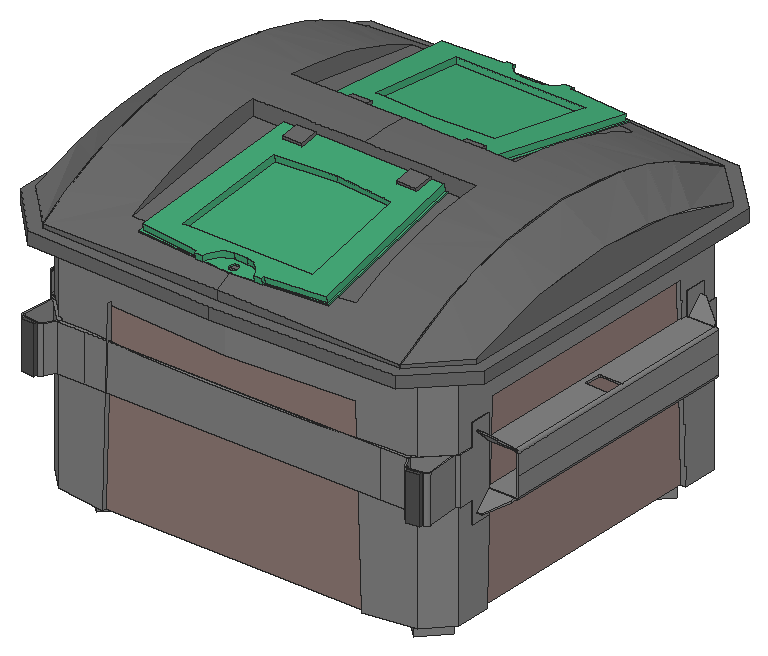
Revit family "Site-Waste_Management-EarthBin-EB260-bk1", category Site, Revit 2021
Family settings
  Round Connector Dimension = Use Diameter
  Part Type = Normal
  OmniClass Number = 23.70.30.21.14
  OmniClass Title = Solid Waste Bins
  Work Plane-Based = No
  Always vertical = Yes
  Cut with Voids When Loaded = No
  Shared = No
Parameters (values of type "Brown")
  URL = "https://www.earthbin.com/"
  Type Comments = "4.0 cu. yd. (3000 litres)"  # constant formula
  Model = "EB260"  # constant formula
  Manufacturer = "EarthBin"  # constant formula
  Description = "Rectangular waste & recycling"  # constant formula
  Default Elevation = 0' - 0"
  CD_Width = 6' - 8"  # constant formula
  CD_Specification = "https://www.earthbin.com/s/EB_260CutsheetEN.pdf"
  CD_Product Page URL = "https://www.earthbin.com/frontload-onground"
  CD_Product Name = "Front Load On Ground EB260"  # constant formula
  CD_Product Documentation Link = "https://static1.squarespace.com/static/5818b2cc03596e3016bd3fee/t/6509f455b6659b7f399c748e/1695314541799/ProductGuide_EarthBin_EN.pdf"
  CD_Microsite = "https://www.caddetails.com/5581"
  CD_Height = 4' - 3 1/4"  # constant formula
  CD_Finish Lid = Plastic-Polyethylene-EarthBin-Lid-Grey
  CD_Finish Frame = Metal-Steel-EarthBin
  CD_Finish Feed Door = Plastic-Polyethylene-EarthBin-Feed_Door-Green
  CD_Finish Bin = Plastic-Polyethylene-EarthBin-Panel_Wide-Brown
  CD_Feed Height = 3' - 9 1/4"  # constant formula
  CD_Depth = 5' - 10"  # constant formula
  CD_Created By = "CADdetails Ltd. 2023"  # constant formula
  Assembly Code = "E1090200"
Types (2): name | CD_Finish Bin
  Brown | Plastic-Polyethylene-EarthBin-Panel_Wide-Brown
  Black | Plastic-Polyethylene-EarthBin-Panel_Wide-Black
Reference planes (in)
  plane 1 "Center (Front/Back)": y = 0
  plane 2 "Grade": z = 0
  plane 3 "Center (Left/Right)": x = 0
  plane 4 "Right": x = 40
  plane 5 "Left": x = -40
  plane 6 "Front": y = 35
  plane 7 "Back": y = -35
  plane 8 "Top": z = 55.25
  plane 9 "Feed Height": z = 49.25
  plane 10 "Steel Framing Back": y = -21.01953
  plane 11 "Steel Framing Front": y = 21.01953
  plane 12 "Lid": z = 42.75
  plane 13 "Metal": z = 26.03791
  plane 14 "Back Rail": y = -34.10156
  plane 15 "Front Rail": y = 34.10156
  plane 16 "Rebar": through (0, 0, 144) normal (-0.7071, 0.7071, 0)
  plane 17 "Bottom of Bin": z = 4
Forms (in)
  Extrusion 1, solid, material "Metal-Steel-EarthBin" <- "CD_Finish Frame"
    sketch origin (0, 0, 0) x (1, 0, 0) y (0, 1, 0)
      loop
        line (-30.24539, 30.72206) -> (-34.03946, 26.92799) -> (-34.03946, -26.92799) -> (-30.24539, -30.72206)
        arc (-30.24539, -30.72206) -> (0, -33.3675) -> (30.24539, -30.72206) r 174.22124
        line (30.24539, -30.72206) -> (34.03946, -26.92799) -> (34.03946, 26.92799) -> (30.24539, 30.72206)
        arc (30.24539, 30.72206) -> (0, 33.3675) -> (-30.24539, 30.72206) r 174.22124
    from 4 to 42.75
  Blend 2, solid, material "Plastic-Polyethylene-EarthBin-Lid-Grey" <- "CD_Finish Lid"
    base sketch origin (0, 0, -61.75) x (0, 1, 0) y (0, 0, 1)
      loop
        line (26.92799, 104.5) -> (26.92799, 107.26035)
        arc (26.92799, 107.26035) -> (0, 112.26577) -> (-26.92799, 107.26035) r 74.93587
        line (-26.92799, 107.26035) -> (-26.92799, 104.5) -> (26.92799, 104.5)
    top sketch origin (0, 0, -61.75) x (0, 1, 0) y (0, 0, 1)
      loop
        line (34.1175, 104.5) -> (34.1175, 107.02798)
        arc (34.1175, 107.02798) -> (0, 117) -> (-34.1175, 107.02798) r 63.34948
        line (-34.1175, 107.02798) -> (-34.1175, 104.5) -> (34.1175, 104.5)
    from -37.1421 to -30.30484
  Blend 3, solid, material "Plastic-Polyethylene-EarthBin-Lid-Grey" <- "CD_Finish Lid"
    base sketch origin (0, 0, -61.75) x (0, 1, 0) y (0, 0, -1)
      loop
        line (26.92799, -104.5) -> (-26.92799, -104.5) -> (-26.92799, -107.26035)
        arc (-26.92799, -107.26035) -> (0, -112.26577) -> (26.92799, -107.26035) r 74.93587
        line (26.92799, -107.26035) -> (26.92799, -104.5)
    top sketch origin (0, 0, -61.75) x (0, 1, 0) y (0, 0, -1)
      loop
        line (34.1175, -104.5) -> (-34.1175, -104.5) -> (-34.1175, -107.02798)
        arc (-34.1175, -107.02798) -> (0, -117) -> (34.1175, -107.02798) r 63.34948
        line (34.1175, -107.02798) -> (34.1175, -104.5)
    from -37.1421 to -30
  Blend 4, solid, material "Plastic-Polyethylene-EarthBin-Lid-Grey" <- "CD_Finish Lid"
    base sketch origin (0, 0, -61.75) x (0, 1, 0) y (0, 0, 1)
      loop
        line (34.1175, 104.5) -> (34.1175, 107.02798)
        arc (34.1175, 107.02798) -> (0, 117) -> (-34.1175, 107.02798) r 63.34948
        line (-34.1175, 107.02798) -> (-34.1175, 104.5) -> (34.1175, 104.5)
    top sketch origin (0, 0, -61.75) x (0, 1, 0) y (0, 0, 1)
      loop
        line (-35, 104.5) -> (35, 104.5) -> (35, 108.16281)
        arc (35, 108.16281) -> (0, 117) -> (-35, 108.16281) r 73.72795
        line (-35, 108.16281) -> (-35, 104.5)
    from -30.30484 to 0
  Blend 5, solid, material "Plastic-Polyethylene-EarthBin-Lid-Grey" <- "CD_Finish Lid"
    base sketch origin (0, 0, -61.75) x (0, 1, 0) y (0, 0, -1)
      loop
        line (34.1175, -104.5) -> (-34.1175, -104.5) -> (-34.1175, -107.02798)
        arc (-34.1175, -107.02798) -> (0, -117) -> (34.1175, -107.02798) r 63.34948
        line (34.1175, -107.02798) -> (34.1175, -104.5)
    top sketch origin (0, 0, -61.75) x (0, 1, 0) y (0, 0, -1)
      loop
        line (-35, -104.5) -> (-35, -108.16281)
        arc (-35, -108.16281) -> (0, -117) -> (35, -108.16281) r 73.72795
        line (35, -108.16281) -> (35, -104.5) -> (-35, -104.5)
    from -30 to 0
  Extrusion 6, void
    sketch origin (0, 0, -61.75) x (0, 1, 0) y (0, 0, 1)
      loop
        line (-31.6432, 112.63436) -> (-31.6432, 109.86423) -> (-4.1432, 114.20005) -> (-4.1432, 119.5682)
        arc (-4.1432, 119.5682) -> (-18.23412, 117.45341) -> (-31.6432, 112.63436) r 72.79839
    from -18.82813 to 18.82813
  Extrusion 7, void
    sketch origin (0, 0, -61.75) x (0, -1, 0) y (0, 0, -1)
      loop
        arc (-31.6432, -112.63436) -> (-18.23412, -117.45341) -> (-4.1432, -119.5682) r 72.79839
        line (-4.1432, -119.5682) -> (-4.1432, -114.20005) -> (-31.6432, -109.86423) -> (-31.6432, -112.63436)
    from -18.82621 to 18.82813
  Extrusion 8, void
    sketch origin (0, 0, 0) x (1, 0, 0) y (0, 0, 1)
      loop
        line (-22, 0) -> (22, 0) -> (20.89194, 35.73066) -> (-20.89194, 35.73066) -> (-22, 0)
    from 31.34321 to 35
  Extrusion 9, void
    sketch origin (0, 0, 0) x (1, 0, 0) y (0, 0, 1)
      loop
        line (22, 0) -> (20.89194, 35.73066) -> (-20.89194, 35.73066) -> (-22, 0) -> (22, 0)
    from -35 to -31.34375
  Extrusion 10, void
    sketch origin (0, 0, 0) x (0, 1, 0) y (0, 0, 1)
      loop
        line (21.01953, 0) -> (19.91147, 35.73066) -> (-19.91147, 35.73066) -> (-21.01953, 0) -> (21.01953, 0)
    from 33.1684 to 40
  Extrusion 11, void
    sketch origin (0, 0, 0) x (0, 1, 0) y (0, 0, 1)
      loop
        line (21.01953, 0) -> (19.91147, 35.73066) -> (-19.91147, 35.73066) -> (-21.01953, 0) -> (21.01953, 0)
    from -40 to -33.16797
  Extrusion 12, solid, material "Metal-Steel-EarthBin" <- "CD_Finish Frame", detail levels medium+fine
    sketch origin (0, 0, 0) x (1, 0, 0) y (0, 1, 0)
      loop
        arc (23.31608, 23.79275) -> (0, 25.36) -> (-23.31608, 23.79275) r 174.22124
        line (-23.31608, 23.79275) -> (-26.70986, 27.18653) -> (-30.50393, 23.39246) -> (-27.80484, 20.69337) -> (-27.80484, -20.69337) -> (-30.50393, -23.39246) -> (-26.70986, -27.18653) -> (-22.87506, -23.35174)
        arc (-22.87506, -23.35174) -> (0, -24.86) -> (22.87506, -23.35174) r 174.22124
        line (22.87506, -23.35174) -> (26.70986, -27.18653) -> (30.50393, -23.39246) -> (27.80484, -20.69337) -> (27.80484, 20.69337) -> (30.50393, 23.39246) -> (26.70986, 27.18653) -> (23.31608, 23.79275)
    from 0 to 4
  Extrusion 13, solid, material "Metal-Steel-EarthBin" <- "CD_Finish Frame", detail levels coarse
    sketch origin (0, 0, 0) x (1, 0, 0) y (0, 1, 0)
      loop
        arc (26.68607, 27.21032) -> (0, 29.26625) -> (-26.68607, 27.21032) r 174.22124
        line (-26.68607, 27.21032) -> (-30.49234, 23.40405) -> (-30.49234, -23.40405) -> (-26.68607, -27.21032)
        arc (-26.68607, -27.21032) -> (0, -29.26625) -> (26.68607, -27.21032) r 174.22124
        line (26.68607, -27.21032) -> (30.49234, -23.40405) -> (30.49234, 23.40405) -> (26.68607, 27.21032)
    from 0 to 4
  Extrusion 14, solid, material "Plastic-Polyethylene-EarthBin-Lid-Grey" <- "CD_Finish Lid", detail levels medium+fine
    sketch origin (0, 0, 0) x (1, 0, 0) y (0, 1, 0)
      loop
        line (-37.1421, 26.92799) -> (-37.1421, -26.92799) -> (-30.30484, -34.1175) -> (0, -35) -> (30, -34.1175) -> (37.1421, -26.92799) -> (37.1421, 26.92799) -> (30, 34.1175) -> (0, 35) -> (-30.30484, 34.1175) -> (-37.1421, 26.92799)
      loop
        line (-39.1421, 27.72716) -> (-39.1421, -27.72716) -> (-31.18645, -36.09268) -> (0.0003, -37.00086) -> (30.85647, -36.09317) -> (39.1421, -27.75255) -> (39.1421, 27.75255) -> (30.85647, 36.09317) -> (0.0003, 37.00086) -> (-31.18645, 36.09268) -> (-39.1421, 27.72716)
    from 42.75 to 44.75
Cuts and joins
  Extrusion 6, Extrusion 7 cuts Blend 4
  Extrusion 6, Extrusion 7 cuts Blend 5
  joined: Blend 4, Blend 5
  Extrusion 8, Extrusion 9, Extrusion 10, Extrusion 11 cuts Extrusion 1
Dimensions and locks (in)
  equal spacing: plane 5 "Left", plane 3 "Center (Left/Right)", plane 4 "Right"
  "CD_Width": plane 5 "Left" to plane 4 "Right"
  equal spacing: plane 6 "Front", plane 1 "Center (Front/Back)", plane 7 "Back"
  "CD_Depth": plane 6 "Front" to plane 7 "Back"
  locked: plane 6 "Front" to plane 11 "Steel Framing Front" at 13.98047
  locked: plane 10 "Steel Framing Back" to plane 7 "Back" at 13.98047
  locked: plane 13 "Metal" to plane 8 "Top" at 29.21209
  locked: plane 1 "Center (Front/Back)" to nested 3 at 4.31767
  locked: nested 4 to plane 1 "Center (Front/Back)" at 4.30194
  plane 8 "Top" to nested 4 = 0' - 6.18025"
  plane 8 "Top" to nested 3 = 0' - 6.19469"
  Extrusion 8 sketch curve to Extrusion 8 sketch curve to plane 3 "Center (Left/Right)" to Extrusion 8 sketch curve to Extrusion 8 sketch curve = 0' - 1.10806" locked, 1' - 8.89194" locked, 1' - 8.89194" locked, 0' - 1.10806" locked
  Extrusion 10 sketch curve to Extrusion 10 sketch curve to plane 1 "Center (Front/Back)" to Extrusion 10 sketch curve to Extrusion 10 sketch curve = 0' - 1.10806" locked, 1' - 7.91147" locked, 1' - 7.91147" locked, 0' - 1.10806" locked
  locked: plane 14 "Back Rail" to plane 7 "Back" at 0.89844
  locked: plane 6 "Front" to plane 15 "Front Rail" at 0.89844
  Blend 2 sketch curve to plane 1 "Center (Front/Back)" to Blend 2 sketch curve = 2' - 2.92799" locked, 2' - 2.92799" locked
  Blend 2 sketch curve to Blend 2 sketch curve to Blend 2 sketch curve to plane 12 "Lid" = 0' - 5.00542" locked, 0' - 0" locked, 0' - 2.76035" locked
  Blend 2 sketch curve to plane 1 "Center (Front/Back)" to Blend 2 sketch curve = 2' - 10.1175" locked, 2' - 10.1175" locked
  Blend 2 sketch curve to Blend 2 sketch curve to Blend 2 sketch curve to plane 12 "Lid" = 0' - 9.97202" locked, 0' - 0" locked, 0' - 2.52798" locked
  locked: Blend 4 sketch curve to plane 12 "Lid" at 12.5
  Blend 3 sketch curve to plane 1 "Center (Front/Back)" to Blend 3 sketch curve = 2' - 10.1175" locked, 2' - 10.1175" locked
  Blend 3 sketch curve to Blend 3 sketch curve to Blend 3 sketch curve to plane 12 "Lid" = 0' - 9.97202" locked, 0' - 0" locked, 0' - 2.52798" locked
  locked: Blend 5 sketch curve to plane 12 "Lid" at 12.5
  locked: plane 8 "Top" to plane 12 "Lid" at 12.5
  "CD_Height": plane 8 "Top" to plane 17 "Bottom of Bin"
  "CD_Feed Height": plane 9 "Feed Height" to plane 17 "Bottom of Bin"
  locked: plane 17 "Bottom of Bin" to level at 4
  Extrusion 12 sketch curve to Extrusion 12 sketch curve to Extrusion 12 sketch curve to Extrusion 12 sketch curve to Extrusion 12 sketch curve to Extrusion 12 sketch curve to Extrusion 12 sketch curve to Extrusion 12 sketch curve to plane 1 "Center (Front/Back)" to Extrusion 12 sketch curve to Extrusion 12 sketch curve to Extrusion 12 sketch curve to Extrusion 12 sketch curve to Extrusion 12 sketch curve to Extrusion 12 sketch curve to Extrusion 12 sketch curve to Extrusion 12 sketch curve = 0' - 0" locked, 0' - 3.79407" locked, 0' - 0" locked, 0' - 0.04072" locked, 0' - 0" locked, 0' - 2.65837" locked, 0' - 0" locked, 1' - 8.69337" locked, 1' - 8.69337" locked, 0' - 0" locked, 0' - 2.69909" locked, 0' - 0" locked, 0' - 0.40029" locked, 0' - 0" locked, 0' - 3.39378" locked, 0' - 0" locked
  Extrusion 12 sketch curve to Extrusion 12 sketch curve to Extrusion 12 sketch curve to Extrusion 12 sketch curve to Extrusion 12 sketch curve to Extrusion 12 sketch curve to Extrusion 12 sketch curve to plane 3 "Center (Left/Right)" to Extrusion 12 sketch curve to Extrusion 12 sketch curve to Extrusion 12 sketch curve to Extrusion 12 sketch curve to Extrusion 12 sketch curve to Extrusion 12 sketch curve to Extrusion 12 sketch curve = 0' - 0" locked, 0' - 2.69909" locked, 0' - 1.09498" locked, 0' - 0" locked, 0' - 3.39378" locked, 0' - 0.44102" locked, 1' - 10.87506" locked, 1' - 10.87506" locked, 0' - 0.44102" locked, 0' - 3.39378" locked, 0' - 0" locked, 0' - 1.09498" locked, 0' - 2.69909" locked, 0' - 0" locked
  Extrusion 13 sketch curve to Extrusion 13 sketch curve to Extrusion 13 sketch curve to plane 3 "Center (Left/Right)" to Extrusion 13 sketch curve to Extrusion 13 sketch curve to Extrusion 13 sketch curve = 0' - 3.80627" locked, 0' - 0" locked, 2' - 2.68607" locked, 2' - 2.68607" locked, 0' - 0" locked, 0' - 3.80627" locked
  Extrusion 13 sketch curve to Extrusion 13 sketch curve to Extrusion 13 sketch curve to Extrusion 13 sketch curve to plane 1 "Center (Front/Back)" to Extrusion 13 sketch curve to Extrusion 13 sketch curve to Extrusion 13 sketch curve to Extrusion 13 sketch curve = 0' - 0" locked, 0' - 3.80627" locked, 0' - 0" locked, 1' - 11.40405" locked, 1' - 11.40405" locked, 0' - 0" locked, 0' - 3.80627" locked, 0' - 0" locked
  Extrusion 6 sketch curve to Extrusion 6 sketch curve to Extrusion 6 sketch curve to plane 9 "Feed Height" to Extrusion 6 sketch curve = 0' - 5.36816" locked, 0' - 1.56569" locked, 0' - 1.63436" locked, 0' - 1.13577" locked
  Extrusion 6 sketch curve to Extrusion 6 sketch curve to plane 1 "Center (Front/Back)" = 2' - 3 1/2" locked, 0' - 4.1432" locked
  plane 1 "Center (Front/Back)" to Extrusion 7 sketch curve to Extrusion 7 sketch curve = 0' - 4.1432" locked, 2' - 3 1/2" locked
  Extrusion 7 sketch curve to Extrusion 7 sketch curve to Extrusion 7 sketch curve to plane 9 "Feed Height" to Extrusion 7 sketch curve = 0' - 5.36816" locked, 0' - 1.56569" locked, 0' - 1.63436" locked, 0' - 1.13577" locked
  locked: cut or joined group of Blend 4, Blend 5, Extrusion 6, Extrusion 7 to plane 3 "Center (Left/Right)" at 18.82621
  locked: cut or joined group of Blend 4, Blend 5, Extrusion 6, Extrusion 7 to plane 3 "Center (Left/Right)" at 18.82813
  Extrusion 11 sketch curve to Extrusion 11 sketch curve to plane 1 "Center (Front/Back)" to Extrusion 11 sketch curve to Extrusion 11 sketch curve = 0' - 1.10806" locked, 1' - 7.91147" locked, 1' - 7.91147" locked, 0' - 1.10806" locked
  locked: Extrusion 11 sketch curve to level at 35.73066
  locked: Extrusion 10 sketch curve to level at 35.73066
  locked: level to Extrusion 9 sketch curve at 35.73066
  Extrusion 9 sketch curve to Extrusion 9 sketch curve to plane 3 "Center (Left/Right)" to Extrusion 9 sketch curve to Extrusion 9 sketch curve = 0' - 1.10806" locked, 1' - 8.89194" locked, 1' - 8.89194" locked, 0' - 1.10806" locked
  locked: Extrusion 8 sketch curve to level at 35.73066
  locked: Extrusion 10 to plane 4 "Right" at 6.8316
  locked: Extrusion 8 to plane 7 "Back" at 3.65679
  locked: plane 6 "Front" to Extrusion 9 at 3.65625
  locked: Extrusion 14 to plane 12 "Lid" at 2
  Extrusion 14 sketch curve to Extrusion 14 sketch curve to Extrusion 14 sketch curve to Extrusion 14 sketch curve to Extrusion 14 sketch curve to plane 1 "Center (Front/Back)" to Extrusion 14 sketch curve to Extrusion 14 sketch curve to Extrusion 14 sketch curve to Extrusion 14 sketch curve to Extrusion 14 sketch curve = 0' - 0.90769" locked, 0' - 0.0005" locked, 0' - 8.34013" locked, 0' - 0.02539" locked, 2' - 3.72716" locked, 2' - 3.72716" locked, 0' - 0.02539" locked, 0' - 8.34013" locked, 0' - 0.0005" locked, 0' - 0.90769" locked
  Extrusion 14 sketch curve to Extrusion 14 sketch curve to Extrusion 14 sketch curve to plane 3 "Center (Left/Right)" to Extrusion 14 sketch curve to Extrusion 14 sketch curve to Extrusion 14 sketch curve = 0' - 7.95565" locked, 0' - 0" locked, 2' - 7.18645" locked, 2' - 6.85647" locked, 0' - 0" locked, 0' - 8.28562" locked
  locked: plane 1 "Center (Front/Back)" to plane 16 "Rebar" (angle 45.00°)
  aligned and locked: plane 12 "Lid" to Extrusion 1
  aligned and locked: Blend 4 to Blend 2
  aligned and locked: plane 3 "Center (Left/Right)" to Blend 4
  aligned and locked: Blend 5 sketch curve to plane 7 "Back"
  aligned and locked: Blend 5 sketch curve to plane 6 "Front"
  aligned and locked: Blend 4 sketch curve to plane 6 "Front"
  aligned and locked: Blend 4 sketch curve to plane 7 "Back"
  aligned and locked: nested 1 to plane 13 "Metal"
  aligned and locked: plane 1 "Center (Front/Back)" to nested 1
  aligned and locked: Extrusion 8 to plane 7 "Back"
  aligned and locked: plane 6 "Front" to Extrusion 9
  aligned and locked: Extrusion 10 to plane 4 "Right"
  aligned and locked: plane 5 "Left" to Extrusion 11
  aligned and locked: plane 13 "Metal" to nested 5
  aligned and locked: nested 5 to plane 14 "Back Rail"
  aligned and locked: plane 13 "Metal" to nested 2
  aligned and locked: Blend 4 sketch curve to plane 12 "Lid"
  aligned and locked: plane 12 "Lid" to Blend 3 sketch curve
  aligned and locked: plane 12 "Lid" to Blend 5 sketch curve
  aligned and locked: nested 3 to plane 3 "Center (Left/Right)"
  aligned and locked: plane 3 "Center (Left/Right)" to nested 4
  aligned and locked: cut or joined group of Extrusion 1, Extrusion 8, Extrusion 9, Extrusion 10, Extrusion 11 to plane 17 "Bottom of Bin"
  aligned and locked: Extrusion 12 to cut or joined group of Extrusion 1, Extrusion 8, Extrusion 9, Extrusion 10, Extrusion 11
  aligned and locked: Extrusion 12 to level
  aligned and locked: Extrusion 13 to cut or joined group of Extrusion 1, Extrusion 8, Extrusion 9, Extrusion 10, Extrusion 11
  aligned and locked: Extrusion 13 to level
  aligned and locked: level to Extrusion 10 sketch curve
  aligned and locked: Extrusion 8 sketch curve to level
  aligned and locked: plane 4 "Right" to Extrusion 10
  aligned and locked: plane 7 "Back" to Extrusion 8
  aligned and locked: Extrusion 9 to plane 6 "Front"
  aligned and locked: Extrusion 14 sketch curve to Blend 2  (x3)
  aligned and locked: Extrusion 14 sketch curve to cut or joined group of Blend 4, Blend 5, Extrusion 6, Extrusion 7  (x2)
  aligned and locked: Extrusion 14 sketch curve to Blend 3  (x3)
  aligned and locked: Extrusion 14 to plane 12 "Lid"
Automatic sketch dimensions
  Extrusion 1 sketch curve to plane 3 "Center (Left/Right)" = 0' - 0"  (x2)
  Extrusion 1 sketch curve to plane 6 "Front" = 0' - 4.27794"  (x2)
  Extrusion 1 sketch curve to plane 5 "Left" = 0' - 9.75461"  (x2)
  plane 7 "Back" to Extrusion 1 sketch curve = 0' - 4.27794"  (x2)
  Extrusion 1 sketch curve to Extrusion 1 sketch curve = 0' - 3.79407"  (x6)
  Extrusion 1 sketch curve to plane 7 "Back" = 8' - 9.85374"
  plane 6 "Front" to Extrusion 1 sketch curve = 8' - 9.85374"
  Blend 2 sketch curve to plane 12 "Lid" = 0' - 0"  (x2)
  Blend 3 sketch curve to plane 12 "Lid" = 0' - 0"
  Blend 3 sketch curve to plane 1 "Center (Front/Back)" = 0' - 0"
  Blend 3 sketch curve to plane 10 "Steel Framing Back" = 0' - 5.90846"
  plane 12 "Lid" to Blend 3 sketch curve = 0' - 2.76035"
  plane 11 "Steel Framing Front" to Blend 3 sketch curve = 0' - 5.90846"
  Blend 4 sketch curve to plane 12 "Lid" = 0' - 0"
  Blend 4 sketch curve to plane 1 "Center (Front/Back)" = 0' - 0"  (x2)
  plane 7 "Back" to Blend 4 sketch curve = 0' - 0.8825"
  Blend 4 sketch curve to plane 6 "Front" = 0' - 0.8825"
  plane 12 "Lid" to Blend 4 sketch curve = 0' - 2.52798"
  Blend 4 sketch curve to plane 9 "Feed Height" = 0' - 2.83719"
  Blend 5 sketch curve to plane 12 "Lid" = 0' - 0"
  Blend 5 sketch curve to plane 1 "Center (Front/Back)" = 0' - 0"  (x2)
  plane 7 "Back" to Blend 5 sketch curve = 0' - 0.8825"
  Blend 5 sketch curve to plane 6 "Front" = 0' - 0.8825"
  Blend 5 sketch curve to Blend 5 sketch curve = 0' - 2.52798"
  Blend 5 sketch curve to plane 9 "Feed Height" = 0' - 2.83719"
  plane 1 "Center (Front/Back)" to Extrusion 6 sketch curve = 0' - 0.4358"
  Extrusion 7 sketch curve to plane 1 "Center (Front/Back)" = 0' - 0.4358"
  plane 6 "Front" to Extrusion 12 sketch curve = 9' - 6.36124"
  Extrusion 12 sketch curve to plane 7 "Back" = 9' - 5.86124"
  plane 6 "Front" to Extrusion 13 sketch curve = 9' - 1.95499"
  Extrusion 13 sketch curve to plane 7 "Back" = 9' - 1.95499"
  Blend 3 sketch curve to level = 2' - 0.4201"
  Blend 4 sketch curve to level = 0' - 8.09948"
  Blend 5 sketch curve to level = 0' - 8.09948"
  Extrusion 11 sketch curve to level = 0' - 0"
  Extrusion 9 sketch curve to level = 0' - 0"
  plane 3 "Center (Left/Right)" to Extrusion 14 sketch curve = 0' - 0.0003"  (x2)
  Extrusion 14 sketch curve to plane 3 "Center (Left/Right)" = 0' - 0"  (x2)
  Extrusion 14 sketch curve to plane 14 "Back Rail" = 0' - 0.01594"
  plane 15 "Front Rail" to Extrusion 14 sketch curve = 0' - 0.01594"
Nested families (in)
  nested 1: "Nested-EarthBin-Steel_Frame-Lift_Handle" at (-34.03946, 0, 26.03791) x (0, 0, 1) z (-1, 0, 0), type "Steel Frame"
  nested 2: "Nested-EarthBin-Steel_Frame-Lift_Handle" at (34.03946, 0, 26.03791) x (0, 0, 1) z (1, 0, 0), type "Steel Frame"
  nested 3: "Nested-EarthBin-Lid" at (0, 18.48482, 50.18886) x (-1, 0, 0) z (0, 0.1557, 0.9878), type "Lid"
  nested 4: "Nested-EarthBin-Lid" at (0, -18.46909, 50.19134) x (1, 0, 0) z (0, -0.1557, 0.9878), type "Lid"
  nested 5: "Nested-EarthBin-Steel_Frame-Front_Rail" at (0, -34.10156, 26.03791) x (0, 0, -1) z (0, -1, 0), type "Steel Frame"
Definition of nested family "Nested-EarthBin-Steel_Frame-Lift_Handle"
  Parameters (values of type "Steel Frame")
    URL = "https://www.earthbin.com/"
    Manufacturer = "EarthBin"  # constant formula
    Description = "For use with EarthBin models only"  # constant formula
    Default Elevation = 4' - 0"
    CD_Length = 3' - 6 5/128"
    CD_Finish = none
  Reference planes (in)
    plane 1 "Center (Front/Back)": y = 0
    plane 2 "Right": z = 0
    plane 3 "Center (Left/Right)": x = 0
    plane 4 "Front": y = 21.01953
    plane 5 "Back": y = -21.01953
    plane 6 "Left": z = 5.36625
  Forms (in)
    Extrusion 1, solid
      sketch origin (0, 0, 0) x (1, 0, 0) y (0, 1, 0)
        loop
          line (-48, 48) -> (-48, -48) -> (48, -48) -> (48, 48) -> (-48, 48)
      from 0 to -12
    Extrusion 2, solid, material <- "CD_Finish", detail levels medium+fine
      sketch origin (0, 0, 0) x (1, 0, 0) y (0, 0, 1)
        loop
          line (-3.81244, 4.89751) -> (-3.81244, 0) -> (-3.56244, 0) -> (-3.56244, 4.89751)
          arc (-3.56244, 4.89751) -> (-3.49904, 5.05151) -> (-3.34559, 5.11625) r 0.21875
          line (-3.34559, 5.11625) -> (0, 5.11625) -> (3.34559, 5.11625)
          arc (3.34559, 5.11625) -> (3.49904, 5.05151) -> (3.56244, 4.89751) r 0.21875
          line (3.56244, 4.89751) -> (3.56244, 0) -> (3.81244, 0) -> (3.81244, 4.89751)
          arc (3.81244, 4.89751) -> (3.67612, 5.22798) -> (3.34647, 5.36625) r 0.46875
          line (3.34647, 5.36625) -> (0, 5.36625) -> (-3.34647, 5.36625)
          arc (-3.34647, 5.36625) -> (-3.67612, 5.22798) -> (-3.81244, 4.89751) r 0.46875
      from -21.01953 to 21.01953
    Extrusion 3, void
      sketch origin (0, 0, 0) x (0, 1, 0) y (0, 0, 1)
        loop
          line (-1.5, 4.8975) -> (-1.5, 1.37125)
          arc (-1.5, 1.37125) -> (-1.38997, 1.10589) -> (-1.12444, 0.99625) r 0.375
          line (-1.12444, 0.99625) -> (1.12444, 0.99625)
          arc (1.12444, 0.99625) -> (1.38997, 1.10589) -> (1.5, 1.37125) r 0.375
          line (1.5, 1.37125) -> (1.5, 4.8975) -> (-1.5, 4.8975)
      from 2.61769 to 4.04426
    Extrusion 4, solid, material <- "CD_Finish", detail levels medium+fine
      sketch origin (0, 0, 0) x (1, 0, 0) y (0, 1, 0)
        loop
          line (-7.66958, 24.37722) -> (-7.66958, 21.01953) -> (7.66958, 21.01953) -> (7.66958, 24.37722) -> (3.96284, 24.37722) -> (3.96284, 26.92907) -> (-3.96284, 26.92907) -> (-3.96284, 24.37722) -> (-7.66958, 24.37722)
        loop
          line (-7.66958, -24.37722) -> (-3.96284, -24.37722) -> (-3.96284, -26.92907) -> (3.96284, -26.92907) -> (3.96284, -24.37722) -> (7.66958, -24.37722) -> (7.66958, -21.01953) -> (-7.66958, -21.01953) -> (-7.66958, -24.37722)
      from 0 to 0.34279
    Extrusion 5, solid, material <- "CD_Finish", detail levels fine
      sketch origin (0, 0, 0) x (1, 0, 0) y (0, 1, 0)
        loop
          line (-3.56244, 21.01953) -> (-6.14547, 23.60257) -> (-6.27047, 23.47757) -> (-3.81244, 21.01953) -> (-3.56244, 21.01953)
        loop
          line (3.56244, 21.01953) -> (3.81244, 21.01953) -> (6.27047, 23.47757) -> (6.14547, 23.60257) -> (3.56244, 21.01953)
        loop
          line (-3.56244, -21.01953) -> (-3.81244, -21.01953) -> (-6.27047, -23.47757) -> (-6.14547, -23.60257) -> (-3.56244, -21.01953)
        loop
          line (3.56244, -21.01953) -> (6.14547, -23.60257) -> (6.27047, -23.47757) -> (3.81244, -21.01953) -> (3.56244, -21.01953)
      from 0 to 4.89765
    Extrusion 6, void
      sketch origin (0, 0, 0) x (0, 1, 0) y (0, 0, 1)
        loop
          line (-23.71655, 5.04358) -> (-23.71655, 0.79331) -> (-23.60257, 0.96676)
          arc (-23.60257, 0.96676) -> (-23.57015, 1.18039) -> (-23.47757, 1.37562) r 0.74201
          line (-23.47757, 1.37562) -> (-21.41817, 4.50952)
          arc (-21.41817, 4.50952) -> (-21.24003, 4.72528) -> (-21.01953, 4.89751) r 1.28859
          line (-21.01953, 4.89751) -> (-20.92354, 5.04358) -> (-23.71655, 5.04358)
        loop
          line (23.71655, 5.04358) -> (20.92354, 5.04358) -> (21.01953, 4.89751)
          arc (21.01953, 4.89751) -> (21.24003, 4.72528) -> (21.41817, 4.50952) r 1.28859
          line (21.41817, 4.50952) -> (23.47757, 1.37562)
          arc (23.47757, 1.37562) -> (23.57015, 1.18039) -> (23.60257, 0.96676) r 0.74201
          line (23.60257, 0.96676) -> (23.71655, 0.79331) -> (23.71655, 5.04358)
      from -7.66958 to 7.66958
    Extrusion 7, solid, material <- "CD_Finish", detail levels coarse
      sketch origin (0, 0, 0) x (1, 0, 0) y (0, 0, 1)
        loop
          line (-3.8125, 4.89759) -> (-3.8125, 0) -> (3.81174, 0) -> (3.81174, 4.89733)
          arc (3.81174, 4.89733) -> (3.67435, 5.22904) -> (3.34264, 5.36643) r 0.4691
          line (3.34264, 5.36643) -> (-3.34645, 5.36643)
          arc (-3.34645, 5.36643) -> (-3.67616, 5.22813) -> (-3.8125, 4.89759) r 0.46885
      from -21.01953 to 21.01953
    Extrusion 8, solid, material <- "CD_Finish", detail levels coarse
      sketch origin (0, 0, 0) x (1, 0, 0) y (0, 1, 0)
        loop
          line (-7.66958, -21.01953) -> (-7.66958, -26.92907) -> (7.66958, -26.92907) -> (7.66958, -21.01953) -> (-7.66958, -21.01953)
        loop
          line (-7.66958, 21.01953) -> (7.66958, 21.01953) -> (7.66958, 26.92907) -> (-7.66958, 26.92907) -> (-7.66958, 21.01953)
      from 0 to 0.34279
  Cuts and joins
    Extrusion 3 cuts Extrusion 2
    Extrusion 6 cuts Extrusion 5
  Dimensions and locks (in)
    equal spacing: plane 5 "Back", plane 1 "Center (Front/Back)", plane 4 "Front"
    locked: plane 6 "Left" to plane 2 "Right" at 5.36625
    plane 6 "Left" to Extrusion 2 sketch curve to Extrusion 2 sketch curve to Extrusion 2 sketch curve to Extrusion 2 sketch curve to Extrusion 2 sketch curve to Extrusion 2 sketch curve = 0' - 0 1/4" locked, 0' - 0" locked, 0' - 0 7/32" locked, 0' - 0" locked, 0' - 0" locked, 0' - 0" locked
    Extrusion 2 sketch curve to Extrusion 2 sketch curve to Extrusion 2 sketch curve to plane 3 "Center (Left/Right)" to Extrusion 2 sketch curve to Extrusion 2 sketch curve to Extrusion 2 sketch curve = 0' - 0 1/4" locked, 0' - 0.21685" locked, 0' - 3.34559" locked, 0' - 3.34559" locked, 0' - 0.21685" locked, 0' - 0 1/4" locked
    "CD_Length": plane 5 "Back" to plane 4 "Front"
    Extrusion 5 sketch curve to Extrusion 5 sketch curve to plane 5 "Back" = 0' - 0 1/8" locked, 0' - 2.45804" locked  (x2)
    plane 4 "Front" to Extrusion 5 sketch curve to Extrusion 5 sketch curve = 0' - 2.45804" locked, 0' - 0 1/8" locked  (x2)
    Extrusion 6 sketch curve to Extrusion 6 sketch curve to Extrusion 6 sketch curve to Extrusion 6 sketch curve to Extrusion 6 sketch curve to Extrusion 6 sketch curve to plane 6 "Left" = 0' - 0.17345" locked, 0' - 0.40886" locked, 0' - 3.13391" locked, 0' - 0.38799" locked, 0' - 0.14607" locked, 0' - 0.32267" locked  (x2)
    Extrusion 6 sketch curve to plane 4 "Front" to Extrusion 6 sketch curve to Extrusion 6 sketch curve to Extrusion 6 sketch curve to Extrusion 6 sketch curve = 0' - 0.09599" locked, 0' - 0.39863" locked, 0' - 2.0594" locked, 0' - 0 1/8" locked, 0' - 0.11398" locked
    Extrusion 6 sketch curve to Extrusion 6 sketch curve to Extrusion 6 sketch curve to Extrusion 6 sketch curve to plane 5 "Back" to Extrusion 6 sketch curve = 0' - 0.11398" locked, 0' - 0 1/8" locked, 0' - 2.0594" locked, 0' - 0.39863" locked, 0' - 0.09599" locked
    Extrusion 3 sketch curve to Extrusion 3 sketch curve to plane 1 "Center (Front/Back)" to Extrusion 3 sketch curve to Extrusion 3 sketch curve = 0' - 0.37556" locked, 0' - 1.12444" locked, 0' - 1.12444" locked, 0' - 0.37556" locked
    Extrusion 3 sketch curve to Extrusion 3 sketch curve to Extrusion 3 sketch curve to Extrusion 3 sketch curve to plane 6 "Left" = 0' - 0 3/8" locked, 0' - 0" locked, 0' - 3.52625" locked, 0' - 0 15/32" locked
    Extrusion 7 sketch curve to Extrusion 7 sketch curve to plane 3 "Center (Left/Right)" to Extrusion 7 sketch curve to Extrusion 7 sketch curve = 0' - 0.4691" locked, 0' - 3.34264" locked, 0' - 3.34645" locked, 0' - 0.46605" locked
    plane 6 "Left" to Extrusion 7 sketch curve to Extrusion 7 sketch curve = 0' - 0.46866" locked, 0' - 0.00026" locked
    locked: plane 4 "Front" to Extrusion 8 sketch curve at 5.90954
    locked: Extrusion 8 sketch curve to plane 5 "Back" at 5.90954
    Extrusion 8 sketch curve to plane 3 "Center (Left/Right)" to Extrusion 8 sketch curve = 0' - 7.66958" locked, 0' - 7.66958" locked  (x2)
    Extrusion 4 sketch curve to Extrusion 4 sketch curve to Extrusion 4 sketch curve to Extrusion 4 sketch curve to plane 3 "Center (Left/Right)" to Extrusion 4 sketch curve to Extrusion 4 sketch curve to Extrusion 4 sketch curve to Extrusion 4 sketch curve = 0' - 0" locked, 0' - 3.70674" locked, 0' - 0" locked, 0' - 3.96284" locked, 0' - 3.96284" locked, 0' - 0" locked, 0' - 3.70674" locked, 0' - 0" locked
    plane 4 "Front" to Extrusion 4 sketch curve to Extrusion 4 sketch curve to Extrusion 4 sketch curve = 0' - 3.35769" locked, 0' - 0" locked, 0' - 2.55185" locked
    Extrusion 4 sketch curve to Extrusion 4 sketch curve to Extrusion 4 sketch curve to plane 5 "Back" = 0' - 2.55185" locked, 0' - 0" locked, 0' - 3.35769" locked
    locked: Extrusion 8 to plane 6 "Left" at 5.02346
    locked: Extrusion 8 to plane 2 "Right" at 0.34279
    aligned and locked: plane 2 "Right" to Extrusion 1
    aligned and locked: level to Extrusion 1
    aligned and locked: Extrusion 2 sketch curve to level
    aligned and locked: level to Extrusion 2 sketch curve
    aligned and locked: plane 5 "Back" to Extrusion 2
    aligned and locked: Extrusion 2 to plane 4 "Front"
    aligned and locked: plane 5 "Back" to Extrusion 4 sketch curve
    aligned and locked: plane 4 "Front" to Extrusion 4 sketch curve
    aligned and locked: plane 6 "Left" to Extrusion 2 sketch curve
    aligned and locked: Extrusion 2 sketch curve to plane 6 "Left"
    aligned and locked: level to Extrusion 7 sketch curve
    aligned and locked: plane 5 "Back" to Extrusion 7
    aligned and locked: Extrusion 7 to plane 4 "Front"
    aligned and locked: plane 5 "Back" to Extrusion 8 sketch curve
    aligned and locked: plane 4 "Front" to Extrusion 8 sketch curve
    aligned and locked: Extrusion 8 to level
    aligned and locked: Extrusion 4 to level
    aligned and locked: Extrusion 4 to Extrusion 8
  Automatic sketch dimensions
    Extrusion 1 sketch curve to Extrusion 1 sketch curve = 8' - 0"  (x2)
    Extrusion 2 sketch curve to Extrusion 2 sketch curve = 0' - 0"  (x2)
    Extrusion 2 sketch curve to plane 3 "Center (Left/Right)" = 0' - 0"  (x2)
    Extrusion 3 sketch curve to Extrusion 3 sketch curve = 0' - 0"  (x2)
    plane 1 "Center (Front/Back)" to Extrusion 3 sketch curve = 0' - 1 1/2"
    Extrusion 3 sketch curve to plane 1 "Center (Front/Back)" = 0' - 1 1/2"
    plane 5 "Back" to Extrusion 5 sketch curve = 0' - 0"  (x2)
    plane 4 "Front" to Extrusion 5 sketch curve = 0' - 0"  (x2)
    Extrusion 5 sketch curve to plane 3 "Center (Left/Right)" = 0' - 6.27047"  (x2)
    Extrusion 5 sketch curve to Extrusion 5 sketch curve = 0' - 0 1/8"  (x2)
    plane 3 "Center (Left/Right)" to Extrusion 5 sketch curve = 0' - 3.56244"  (x2)
    Extrusion 5 sketch curve to Extrusion 5 sketch curve = 0' - 2.33304"  (x2)
    Extrusion 6 sketch curve to plane 5 "Back" = 0' - 0"
    Extrusion 6 sketch curve to plane 4 "Front" = 0' - 0"
    Extrusion 6 sketch curve to Extrusion 6 sketch curve = 0' - 0.61701"  (x2)
    Extrusion 6 sketch curve to plane 5 "Back" = 0' - 0.67825"
    plane 4 "Front" to Extrusion 6 sketch curve = 0' - 0.67825"
Definition of nested family "Nested-EarthBin-Lid"
  Parameters (values of type "Lid")
    URL = "https://www.earthbin.com/"
    Manufacturer = "EarthBin"  # constant formula
    Description = "For use with EarthBin models only"  # constant formula
    Default Elevation = 4' - 0"
    CD_Length = 2' - 5 5/128"
    CD_Finish Lid = none
    CD_Finish = none
  Reference planes (in)
    plane 1 "Center (Front/Back)": y = 0
    plane 2 "Bottom": z = 0
    plane 3 "Center (Left/Right)": x = 0
    plane 4 "Back": y = 14.51953
    plane 5 "Front": y = -14.51953
    plane 6 "Top": z = 1.125
    plane 7: x = -16
    plane 8: x = 16
  Forms (in)
    Extrusion 1, solid
      sketch origin (0, 0, 0) x (1, 0, 0) y (0, 1, 0)
        loop
          line (-48, 48) -> (-48, -48) -> (48, -48) -> (48, 48) -> (-48, 48)
      from 0 to -12
    Extrusion 2, solid, material <- "CD_Finish Lid", detail levels medium+fine
      sketch origin (0, 0, 0) x (1, 0, 0) y (0, 1, 0)
        loop
          arc (-14, 14.51953) -> (-15.7021, 0.61637) -> (-16.03231, -13.38669) r 142.63263
          arc (-16.03231, -13.38669) -> (0.00022, -14.51953) -> (16.03243, -13.38208) r 113.78504
          arc (16.03243, -13.38208) -> (15.6952, 0.61819) -> (14, 14.51953) r 144.0395
          line (14, 14.51953) -> (11.25, 14.51953) -> (11.25, 11.51953) -> (8, 11.51953) -> (8, 14.51953) -> (-8, 14.51953) -> (-8, 11.51953) -> (-11.25, 11.51953) -> (-11.25, 14.51953) -> (-14, 14.51953)
        loop
          circle (0, -13.32099) r 0.75
      from 0 to 0.125
    Extrusion 3, solid, material <- "CD_Finish Lid", detail levels medium+fine
      sketch origin (0, 0, 0) x (1, 0, 0) y (0, 1, 0)
        loop
          line (13.49266, 14.51953) -> (11.25, 14.51953) -> (11.25, 11.51953) -> (8, 11.51953) -> (8, 14.51953) -> (-8, 14.51953) -> (-8, 11.51953) -> (-11.25, 11.51953) -> (-11.25, 14.51953) -> (-13.49266, 14.51953)
          arc (-13.49266, 14.51953) -> (-15.17795, 0.83378) -> (-15.54226, -12.95054) r 143.5395
          arc (-15.54226, -12.95054) -> (-10.59164, -13.52483) -> (-5.62055, -13.88082) r 113.28499
          line (-5.62055, -13.88082) -> (-5.62055, -14.33694) -> (-4.31596, -14.41373)
          arc (-4.31596, -14.41373) -> (-3.15773, -12.54438) -> (-1.08357, -11.81371) r 3.30928
          line (-1.08357, -11.81371) -> (1.08357, -11.81371)
          arc (1.08357, -11.81371) -> (3.15773, -12.54438) -> (4.31596, -14.41373) r 3.30928
          line (4.31596, -14.41373) -> (5.62055, -14.33694) -> (5.62055, -13.87921)
          arc (5.62055, -13.87921) -> (10.59172, -13.52178) -> (15.54236, -12.94605) r 113.28499
          arc (15.54236, -12.94605) -> (15.17778, 0.83602) -> (13.49266, 14.51953) r 143.5395
        loop
          arc (-9.94852, 7.99725) -> (-10.76214, -1.09763) -> (-10.90365, -10.22774) r 123.88406
          line (-10.90365, -10.22774) -> (10.90365, -10.22774)
          arc (10.90365, -10.22774) -> (10.76214, -1.09763) -> (9.94852, 7.99725) r 123.88406
          arc (9.94852, 7.99725) -> (4.98572, 8.50899) -> (0, 8.69292) r 75.74704
          arc (0, 8.69292) -> (-4.98572, 8.50899) -> (-9.94852, 7.99725) r 75.74704
      from 0.125 to 1.125
    Extrusion 4, solid, material <- "CD_Finish", detail levels fine
      sketch origin (0, 0, 0) x (1, 0, 0) y (0, 1, 0)
        loop
          line (-11.25, 14.51953) -> (-11.25, 11.51953) -> (-8, 11.51953) -> (-8, 14.51953) -> (-11.25, 14.51953)
        loop
          line (8, 14.51953) -> (8, 11.51953) -> (11.25, 11.51953) -> (11.25, 14.51953) -> (8, 14.51953)
      from 0 to 1.5
    Extrusion 5, solid, material <- "CD_Finish Lid", detail levels coarse
      sketch origin (0, 0, 0) x (1, 0, 0) y (0, 1, 0)
        loop
          line (-16, 14.51953) -> (-16, -14.51953) -> (16, -14.51953) -> (16, 14.51953) -> (-16, 14.51953)
      from 0 to 1.125
  Dimensions and locks (in)
    equal spacing: plane 5 "Front", plane 1 "Center (Front/Back)", plane 4 "Back"
    locked: plane 6 "Top" to plane 2 "Bottom" at 1.125
    "CD_Length": plane 5 "Front" to plane 4 "Back"
    Extrusion 3 sketch curve to Extrusion 3 sketch curve to Extrusion 3 sketch curve to Extrusion 3 sketch curve to plane 4 "Back" = 0' - 0" locked, 0' - 3.52228" locked, 0' - 0" locked, 0' - 3" locked
    plane 5 "Front" to Extrusion 3 sketch curve to Extrusion 3 sketch curve to Extrusion 3 sketch curve to Extrusion 3 sketch curve to Extrusion 3 sketch curve to Extrusion 3 sketch curve to Extrusion 3 sketch curve to Extrusion 3 sketch curve = 0' - 0.1058" locked, 0' - 0" locked, 0' - 0.07679" locked, 0' - 0" locked, 0' - 0.45612" locked, 0' - 0.00161" locked, 0' - 2.0655" locked, 0' - 1.58597" locked
    Extrusion 3 sketch curve to Extrusion 3 sketch curve to Extrusion 3 sketch curve to Extrusion 3 sketch curve to plane 3 "Center (Left/Right)" to Extrusion 3 sketch curve to Extrusion 3 sketch curve to Extrusion 3 sketch curve to Extrusion 3 sketch curve = 0' - 9.9217" locked, 0' - 1.3046" locked, 0' - 3.23238" locked, 0' - 1.08357" locked, 0' - 1.08357" locked, 0' - 3.23238" locked, 0' - 1.3046" locked, 0' - 9.9218" locked
    Extrusion 2 sketch curve to Extrusion 2 sketch curve to plane 4 "Back" = 0' - 0" locked, 0' - 3" locked
    plane 5 "Front" to Extrusion 2 sketch curve to Extrusion 2 sketch curve to Extrusion 2 sketch curve = 0' - 1.13284" locked, 0' - 0.00461" locked, 0' - 0.81108" locked
    Extrusion 2 sketch curve to Extrusion 2 sketch curve to plane 3 "Center (Left/Right)" to Extrusion 2 sketch curve = 1' - 3.28231" locked, 0' - 0 3/4" locked, 1' - 4.03243" locked
    Extrusion 2 sketch curve to Extrusion 2 sketch curve to Extrusion 2 sketch curve to plane 3 "Center (Left/Right)" to Extrusion 2 sketch curve to Extrusion 2 sketch curve to Extrusion 2 sketch curve = 0' - 2 3/4" locked, 0' - 3 1/4" locked, 0' - 8" locked, 0' - 8" locked, 0' - 3 1/4" locked, 0' - 2 3/4" locked
    Extrusion 3 sketch curve to Extrusion 3 sketch curve to Extrusion 3 sketch curve to plane 3 "Center (Left/Right)" to Extrusion 3 sketch curve to Extrusion 3 sketch curve to Extrusion 3 sketch curve = 0' - 2.24266" locked, 0' - 3 1/4" locked, 0' - 8" locked, 0' - 8" locked, 0' - 3 1/4" locked, 0' - 2.24266" locked
    aligned and locked: plane 2 "Bottom" to Extrusion 1
    aligned and locked: level to Extrusion 1
    aligned and locked: plane 4 "Back" to Extrusion 2 sketch curve  (x3)
    aligned and locked: Extrusion 3 to Extrusion 2
    aligned and locked: Extrusion 4 to level
    aligned and locked: plane 4 "Back" to Extrusion 5 sketch curve
    aligned and locked: Extrusion 5 sketch curve to plane 7
    aligned and locked: Extrusion 5 sketch curve to plane 5 "Front"
    aligned and locked: Extrusion 5 sketch curve to plane 8
    aligned and locked: Extrusion 5 to Extrusion 3
    aligned and locked: Extrusion 5 to level
    aligned and locked: Extrusion 3 sketch curve to plane 4 "Back"  (x3)
    aligned and locked: Extrusion 5 to plane 6 "Top"
  Automatic sketch dimensions
    Extrusion 1 sketch curve to Extrusion 1 sketch curve = 8' - 0"  (x2)
    Extrusion 2 sketch curve to plane 3 "Center (Left/Right)" = 0' - 0"
    Extrusion 2 sketch curve to plane 3 "Center (Left/Right)" = 0' - 0.01616"
    Extrusion 2 sketch curve to plane 5 "Front" = 0' - 4.67323"
    Extrusion 2 sketch curve to plane 5 "Front" = 0' - 4.77591"
    Extrusion 3 sketch curve to Extrusion 3 sketch curve = 0' - 0"  (x2)
    Extrusion 3 sketch curve to plane 3 "Center (Left/Right)" = 0' - 0"
    Extrusion 3 sketch curve to plane 3 "Center (Left/Right)" = 0' - 0.01616"
    Extrusion 3 sketch curve to plane 3 "Center (Left/Right)" = 0' - 0.29813"
    Extrusion 3 sketch curve to plane 7 = 0' - 5.09635"
    Extrusion 3 sketch curve to plane 5 "Front" = 0' - 6.93831"  (x2)
    Extrusion 3 sketch curve to plane 5 "Front" = 0' - 4.67323"  (x2)
    Extrusion 3 sketch curve to Extrusion 3 sketch curve = 1' - 3.01153"  (x2)
    plane 3 "Center (Left/Right)" to Extrusion 3 sketch curve = 0' - 0.29813"
    Extrusion 3 sketch curve to Extrusion 3 sketch curve = 0' - 5.28309"
    Extrusion 3 sketch curve to Extrusion 3 sketch curve = 4' - 3.93055"
    Extrusion 3 sketch curve to plane 4 "Back" = 7' - 0.74592"
    plane 4 "Back" to Extrusion 4 sketch curve = 0' - 0"  (x2)
    Extrusion 4 sketch curve to plane 7 = 0' - 4 3/4"
    Extrusion 4 sketch curve to Extrusion 4 sketch curve = 0' - 3 1/4"  (x2)
    plane 3 "Center (Left/Right)" to Extrusion 4 sketch curve = 0' - 8"
    plane 4 "Back" to Extrusion 4 sketch curve = 0' - 3"  (x2)
Definition of nested family "Nested-EarthBin-Steel_Frame-Front_Rail"
  Parameters (values of type "Steel Frame")
    URL = "https://www.earthbin.com/"
    Manufacturer = "EarthBin"  # constant formula
    Description = "For use with EarthBin models only"  # constant formula
    Default Elevation = 4' - 0"
    CD_VIS Bumper [instance] = yes
    CD_Length = 5' - 8 49/64"
    CD_Finish Rail = none
    CD_Finish = none
  Reference planes (in)
    plane 1 "Center (Front/Back)": y = 0
    plane 2 "Front": z = 0
    plane 3 "Center (Left/Right)": x = 0
    plane 4: y = 34.38281
    plane 5: y = -34.38281
    plane 6 "Bottom": x = 3.93312
    plane 7 "Top": x = -3.93312
    plane 8 "Back": z = -4.9053
  Forms (in)
    Extrusion 1, solid
      sketch origin (0, 0, 0) x (1, 0, 0) y (0, 1, 0)
        loop
          line (-48, 48) -> (-48, -48) -> (48, -48) -> (48, 48) -> (-48, 48)
      from 0 to -12
    Extrusion 2, solid, material <- "CD_Finish Rail", detail levels medium+fine
      sketch origin (3.93312, 0, -2.69775) x (0, 0, 1) y (0, 1, 0)
        loop
          line (-4.47404, 34.39128) -> (-4.82702, 34.03824) -> (0.07828, 29.13389) -> (0.07828, 25.04841)
          spline (0.07828, 25.04841) -> (0.42578, 20.88089) -> (0.71018, 16.70857) -> (0.93143, 12.53242) -> (1.08946, 8.3534) -> (1.18425, 4.17245) -> (1.21579, -0.00945) -> (1.18405, -4.19134) -> (1.08905, -8.37228) -> (0.9308, -12.5513) -> (0.70934, -16.72744) -> (0.42473, -20.89974) -> (0.07668, -25.06724)
          line (0.07668, -25.06724) -> (0.07668, -29.13549) -> (-4.82702, -34.03824) -> (-4.47404, -34.39128) -> (0.57668, -29.34154) -> (0.57668, -25.06724)
          spline (0.57668, -25.06724) -> (0.92539, -20.89786) -> (1.21081, -16.72366) -> (1.43288, -12.54563) -> (1.59153, -8.36471) -> (1.68674, -4.18186) -> (1.71847, 0.00194) -> (1.68674, 4.18575) -> (1.59153, 8.36859) -> (1.43288, 12.54951) -> (1.21081, 16.72755) -> (0.92539, 20.90174) -> (0.57668, 25.07112)
          line (0.57668, 25.07112) -> (0.57668, 29.34154) -> (-4.47404, 34.39128)
      from 0 to 7.86625
    Extrusion 3, solid, material <- "CD_Finish Rail", visible <- "CD_VIS Bumper", detail levels medium+fine
      sketch origin (3.93312, 0, -2.69775) x (0, 0, 1) y (0, 1, 0)
        loop
          line (1.7081, 34.38281) -> (-4.60394, 33.81572) -> (-4.37362, 33.58541) -> (1.73047, 34.13382)
          spline (1.73047, 34.13382) -> (1.78763, 34.13517) -> (1.84451, 34.12907) -> (1.90013, 34.11563) -> (1.95352, 34.095) -> (2.0038, 34.06758) -> (2.05009, 34.03386) -> (2.09156, 33.99436) -> (2.12754, 33.9498) -> (2.15742, 33.90096) -> (2.18062, 33.84863) -> (2.19682, 33.79374) -> (2.20574, 33.73724)
          line (2.20574, 33.73724) -> (2.44666, 31.09281)
          spline (2.44666, 31.09281) -> (2.44836, 31.0492) -> (2.44569, 31.00564) -> (2.43876, 30.96256) -> (2.42763, 30.92039) -> (2.41241, 30.87956) -> (2.39317, 30.8405) -> (2.37004, 30.80362) -> (2.3433, 30.76924) -> (2.31327, 30.73765) -> (2.28028, 30.70916) -> (2.24465, 30.68406) -> (2.20669, 30.66265)
          line (2.20669, 30.66265) -> (-0.23284, 29.44547) -> (-0.04642, 29.25909) -> (2.31876, 30.43918)
          spline (2.31876, 30.43918) -> (2.37847, 30.47279) -> (2.43452, 30.51219) -> (2.48636, 30.55698) -> (2.53347, 30.60673) -> (2.57538, 30.66092) -> (2.61168, 30.71903) -> (2.642, 30.78047) -> (2.66604, 30.84464) -> (2.68356, 30.91089) -> (2.6944, 30.97857) -> (2.69843, 31.047) -> (2.69563, 31.11549)
          line (2.69563, 31.11549) -> (2.4547, 33.76)
          spline (2.4547, 33.76) -> (2.44071, 33.84879) -> (2.41525, 33.93501) -> (2.37876, 34.01719) -> (2.33186, 34.09391) -> (2.27535, 34.16386) -> (2.2102, 34.22586) -> (2.13753, 34.27883) -> (2.05858, 34.32187) -> (1.9747, 34.35425) -> (1.88733, 34.37541) -> (1.79795, 34.38498) -> (1.7081, 34.38281)
        loop
          spline (1.7081, -34.38281) -> (1.79795, -34.38498) -> (1.88733, -34.37541) -> (1.9747, -34.35425) -> (2.05858, -34.32187) -> (2.13753, -34.27883) -> (2.2102, -34.22586) -> (2.27535, -34.16386) -> (2.33186, -34.09391) -> (2.37876, -34.01719) -> (2.41525, -33.93501) -> (2.44071, -33.84879) -> (2.4547, -33.76)
          line (2.4547, -33.76) -> (2.69563, -31.11549)
          spline (2.69563, -31.11549) -> (2.69843, -31.047) -> (2.6944, -30.97857) -> (2.68356, -30.91089) -> (2.66604, -30.84464) -> (2.642, -30.78047) -> (2.61168, -30.71903) -> (2.57538, -30.66092) -> (2.53347, -30.60673) -> (2.48636, -30.55698) -> (2.43452, -30.51219) -> (2.37847, -30.47279) -> (2.31876, -30.43918)
          line (2.31876, -30.43918) -> (-0.04642, -29.25909) -> (-0.23284, -29.44547) -> (2.20669, -30.66265)
          spline (2.20669, -30.66265) -> (2.24465, -30.68406) -> (2.28028, -30.70916) -> (2.31327, -30.73765) -> (2.3433, -30.76924) -> (2.37004, -30.80362) -> (2.39317, -30.8405) -> (2.41241, -30.87956) -> (2.42763, -30.92039) -> (2.43876, -30.96256) -> (2.44569, -31.00564) -> (2.44836, -31.0492) -> (2.44666, -31.09281)
          line (2.44666, -31.09281) -> (2.20574, -33.73724)
          spline (2.20574, -33.73724) -> (2.19682, -33.79374) -> (2.18062, -33.84863) -> (2.15742, -33.90096) -> (2.12754, -33.9498) -> (2.09156, -33.99436) -> (2.05009, -34.03386) -> (2.0038, -34.06758) -> (1.95352, -34.095) -> (1.90013, -34.11563) -> (1.84451, -34.12907) -> (1.78763, -34.13517) -> (1.73047, -34.13382)
          line (1.73047, -34.13382) -> (-4.37362, -33.58541) -> (-4.60394, -33.81572) -> (1.7081, -34.38281)
      from 0 to 7.86625
    Extrusion 4, solid, material <- "CD_Finish", visible <- "CD_VIS Bumper", detail levels fine
      sketch origin (3.93312, 0, -2.69775) x (0, 0, 1) y (0, 1, 0)
        loop
          line (2.47679, 33.51755) -> (2.67454, 31.34688) -> (3.20214, 31.39339) -> (3.00803, 33.56438) -> (2.47679, 33.51755)
        loop
          line (2.47679, -33.51755) -> (3.00803, -33.56438) -> (3.20214, -31.39339) -> (2.67454, -31.34688) -> (2.47679, -33.51755)
      from 0 to 7.86625
    Extrusion 5, solid, material <- "CD_Finish Rail", detail levels coarse
      sketch origin (0, 0, 0) x (0, 1, 0) y (0, 0, 1)
        loop
          line (-29.88281, -1) -> (-29.88281, 0) -> (-34.38281, 0) -> (-34.38281, -7.53173) -> (34.38281, -7.53173) -> (34.38281, 0) -> (29.88281, 0) -> (29.88281, -1) -> (-29.88281, -1)
      from -3.93312 to 3.93312
  Dimensions and locks (in)
    "CD_Length": plane 5 to plane 4
    equal spacing: plane 5, plane 1 "Center (Front/Back)", plane 4
    locked: level to plane 8 "Back" at 4.9053
    Extrusion 2 sketch curve to Extrusion 2 sketch curve to Extrusion 2 sketch curve to plane 4 to Extrusion 2 sketch curve = 0' - 0.20765" locked, 0' - 4.6967" locked, 0' - 0.34457" locked, 0' - 0.00847" locked
    Extrusion 2 sketch curve to plane 5 to Extrusion 2 sketch curve to Extrusion 2 sketch curve to Extrusion 2 sketch curve = 0' - 0.00847" locked, 0' - 0.34457" locked, 0' - 4.6967" locked, 0' - 0.20605" locked
    Extrusion 2 sketch curve to Extrusion 2 sketch curve to plane 1 "Center (Front/Back)" to Extrusion 2 sketch curve to Extrusion 2 sketch curve = 0' - 0" locked, 2' - 1.06724" locked, 2' - 1.04841" locked, 0' - 0.02271" locked
    Extrusion 3 sketch curve to Extrusion 3 sketch curve to Extrusion 3 sketch curve to Extrusion 3 sketch curve to Extrusion 3 sketch curve to Extrusion 3 sketch curve to Extrusion 3 sketch curve to Extrusion 3 sketch curve to Extrusion 3 sketch curve to Extrusion 3 sketch curve to Extrusion 3 sketch curve to plane 4 to Extrusion 3 sketch curve = 0' - 0.18638" locked, 0' - 0.9937" locked, 0' - 0.22347" locked, 0' - 0.43016" locked, 0' - 0.02268" locked, 0' - 2.46992" locked, 0' - 0.15183" locked, 0' - 0.02276" locked, 0' - 0.05572" locked, 0' - 0.31809" locked, 0' - 0.249" locked, 0' - 0" locked
    plane 5 to Extrusion 3 sketch curve to Extrusion 3 sketch curve to Extrusion 3 sketch curve to Extrusion 3 sketch curve to Extrusion 3 sketch curve to Extrusion 3 sketch curve to Extrusion 3 sketch curve to Extrusion 3 sketch curve to Extrusion 3 sketch curve to Extrusion 3 sketch curve to Extrusion 3 sketch curve to Extrusion 3 sketch curve = 0' - 0" locked, 0' - 0.249" locked, 0' - 0.31809" locked, 0' - 0.05572" locked, 0' - 0.02276" locked, 0' - 0.15183" locked, 0' - 2.46992" locked, 0' - 0.02268" locked, 0' - 0.43016" locked, 0' - 0.22347" locked, 0' - 0.9937" locked, 0' - 0.18638" locked
    Extrusion 3 sketch curve to Extrusion 3 sketch curve to Extrusion 3 sketch curve to Extrusion 3 sketch curve to Extrusion 3 sketch curve to Extrusion 3 sketch curve to Extrusion 3 sketch curve to Extrusion 3 sketch curve to Extrusion 3 sketch curve to Extrusion 3 sketch curve to Extrusion 3 sketch curve to Extrusion 3 sketch curve = 0' - 0.24092" locked, 0' - 0.00804" locked, 0' - 0.1279" locked, 0' - 0.11207" locked, 0' - 0.00095" locked, 0' - 0.47526" locked, 0' - 0.02237" locked, 0' - 1.75453", 0' - 0.18642" locked, 0' - 4.14078" locked, 0' - 0.23031" locked
    Extrusion 3 sketch curve to Extrusion 3 sketch curve to Extrusion 3 sketch curve to Extrusion 3 sketch curve to Extrusion 3 sketch curve to Extrusion 3 sketch curve to Extrusion 3 sketch curve to Extrusion 3 sketch curve to Extrusion 3 sketch curve to Extrusion 3 sketch curve to Extrusion 3 sketch curve to Extrusion 3 sketch curve = 0' - 0.23031" locked, 0' - 4.14078" locked, 0' - 0.18642" locked, 0' - 1.75453", 0' - 0.02237" locked, 0' - 0.47526" locked, 0' - 0.00095" locked, 0' - 0.11207" locked, 0' - 0.1279" locked, 0' - 0.00804" locked, 0' - 0.24092" locked
    Extrusion 2 sketch curve to Extrusion 2 sketch curve to Extrusion 2 sketch curve to Extrusion 2 sketch curve to Extrusion 2 sketch curve to Extrusion 2 sketch curve to Extrusion 2 sketch curve to Extrusion 2 sketch curve to Extrusion 2 sketch curve to Extrusion 2 sketch curve to Extrusion 2 sketch curve to Extrusion 2 sketch curve = 0' - 0" locked, 0' - 0.35298" locked, 0' - 0" locked, 0' - 4.55072" locked, 0' - 0" locked, 0' - 0.0016" locked, 0' - 0" locked, 0' - 0.4984" locked, 0' - 0" locked, 0' - 0" locked, 0' - 0" locked
    Extrusion 4 sketch curve to Extrusion 4 sketch curve to Extrusion 4 sketch curve to Extrusion 4 sketch curve to Extrusion 4 sketch curve to Extrusion 4 sketch curve to Extrusion 4 sketch curve to Extrusion 4 sketch curve = 0' - 0" locked, 0' - 0.19776" locked, 0' - 0" locked, 0' - 0.33349" locked, 0' - 0" locked, 0' - 0.1941" locked, 0' - 0" locked
    Extrusion 4 sketch curve to Extrusion 4 sketch curve to Extrusion 4 sketch curve to Extrusion 4 sketch curve to plane 4 = 0' - 0.04651" locked, 0' - 2.12416" locked, 0' - 0.04683" locked, 0' - 0.81843" locked
    plane 5 to Extrusion 4 sketch curve to Extrusion 4 sketch curve to Extrusion 4 sketch curve to Extrusion 4 sketch curve = 0' - 0.81843" locked, 0' - 0.04683" locked, 0' - 2.12416" locked, 0' - 0.04651" locked
    equal spacing: plane 7 "Top", plane 3 "Center (Left/Right)", plane 6 "Bottom"
    locked: plane 7 "Top" to plane 6 "Bottom" at 7.86625
    locked: level to Extrusion 5 sketch curve at 7.53173
    locked: Extrusion 5 sketch curve to level at 1
    locked: plane 5 to Extrusion 5 sketch curve at 4.5
    locked: Extrusion 5 sketch curve to plane 4 at 4.5
    aligned and locked: plane 2 "Front" to Extrusion 1
    aligned and locked: level to Extrusion 1
    aligned and locked: Extrusion 5 sketch curve to plane 5
    aligned and locked: plane 4 to Extrusion 5 sketch curve
    aligned and locked: Extrusion 5 sketch curve to level
    aligned and locked: level to Extrusion 5 sketch curve
    aligned and locked: plane 7 "Top" to Extrusion 4
    aligned and locked: plane 6 "Bottom" to Extrusion 4
    aligned and locked: plane 6 "Bottom" to Extrusion 5
    aligned and locked: plane 7 "Top" to Extrusion 5
    aligned and locked: plane 7 "Top" to Extrusion 3
    aligned and locked: plane 6 "Bottom" to Extrusion 3
    aligned and locked: plane 7 "Top" to Extrusion 2
    aligned and locked: plane 6 "Bottom" to Extrusion 2
  Automatic sketch dimensions
    Extrusion 1 sketch curve to Extrusion 1 sketch curve = 8' - 0"  (x2)
    Extrusion 2 sketch curve to Extrusion 2 sketch curve = 0' - 0"
    Extrusion 2 sketch curve to plane 4 = 20' - 1.55343"
    Extrusion 3 sketch curve to Extrusion 3 sketch curve = 0' - 0.43529"  (x4)
    Extrusion 3 sketch curve to Extrusion 3 sketch curve = 0' - 0.06345"  (x2)
    Extrusion 3 sketch curve to Extrusion 3 sketch curve = 0' - 0.19135"  (x2)
